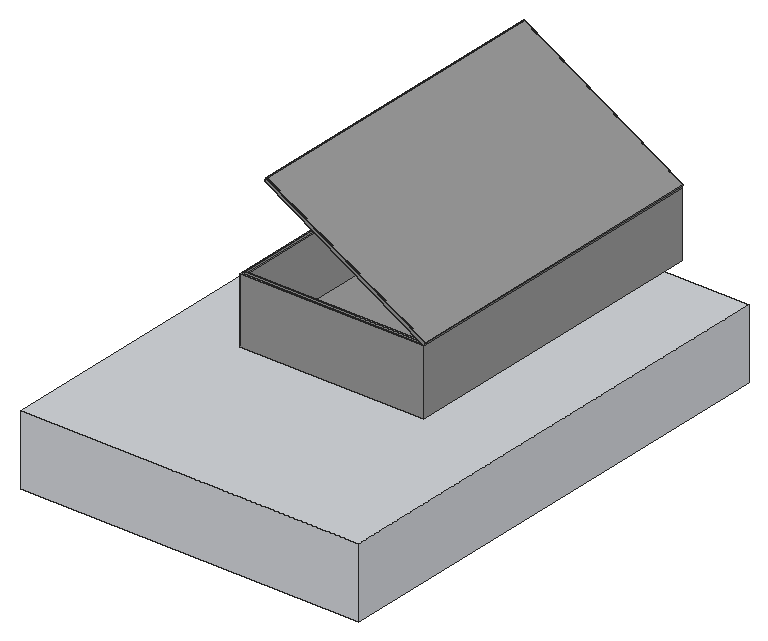
Revit family "Hager-Orion_Inox-IP66-D300-Cl.I-Inox_encl-630A-1400mm-PL-pl", category Equipement électrique, Revit 2020
Family settings
  Hôte = Face
  Configuration du panneau = Deux colonnes, circuits au sein
  Cote de connecteur circulaire = Utiliser le diamètre
  Type d'élément = Tableau de raccordement
  Couper avec des vides une fois chargée = Non
  Partagée = Non
  Point de calcul de pièce = Non
Parameters (values of type "Montaż natynkowy IP66 S800 W1400 G300  - FL049BWL")
  Width Control [instance] = if([EF000008 - Szerokość] > Min Width, [EF000008 - Szerokość], Min Width)  # 800 mm
  Commentaires du type = [HG000003 - Zakres]  # "Orion Inox"
  Thickness Door [instance] = if([EF009171 - Drzwi/pokrywa z materiału o wysokiej wytrzymałości mechanicznej] > 3 mm, 3 mm, [EF009171 - Drzwi/pokrywa z materiału o wysokiej wytrzymałości mechanicznej])  # 1.5 mm
  Seal Frame Offset [instance] = 17 mm  # constant formula
  Model = ""
  Min Width [instance] = 100 mm  # constant formula
  Min Height [instance] = 100 mm  # constant formula
  Min Depth [instance] = (2 * [EF009170 - Obudowa z materiału o wysokiej wytrzymałości mechanicznej]) + 1 mm  # 4 mm
  Internal Frame Depth [instance] = (Door System Depth * 0.5)  # 9 mm
  Height Control [instance] = if([EF000040 - Wysokość] > Min Height, [EF000040 - Wysokość], Min Height)  # 1400 mm
  HG000027 - Wysokość cokołu = 0 mm
  HG000026 - Stojąca = no
  HG000024 - Wysokość części dolnej = 800 mm
  HG000023 - Obudowa dwusekcyjna = no
  HG000016 - Widoczność drzwi w widoku 3D [instance] = yes
  HG000015 - Przestrzeń robocza - otwarcie drzwi [instance] = no
  HG000014 - Drzwi prawe [instance] = yes
  HG000013 - Drzwi lewe [instance] = not([HG000014 - Drzwi prawe])  # no
  HG000012 - Kąt otwarcia drzwi [instance] = 30.00°
  HG000010 - Drzwi asymetryczne = no
  HG000009 - Drzwi dwuskrzydłowe = no
  HG000006 - Montaż podtynkowy = no
  HG000004 - Referencja producenta = "FL049BWL"
  HG000003 - Zakres = "Orion Inox"
  HG000002 - Z drzwiami lub pokrywą = yes
  Frame Offset Bottom [instance] = 10 mm  # constant formula
  Frame Offset [instance] = 15 mm  # constant formula
  EF015940 - Pokrywa z wyzwalaczem nadciśnieniowym = no
  EF011959 - Stopień ochrony (NEMA) = ""
  EF009554 - Liczba otworów pod flansze = 0
  Fabricant = "Hager"  # constant formula
  EF009212 - Wykonanie pokrywy = "EV000116 - Zamknięty"
  EF009171 - Drzwi/pokrywa z materiału o wysokiej wytrzymałości mechanicznej = 1.5 mm
  EF009170 - Obudowa z materiału o wysokiej wytrzymałości mechanicznej = 1.5 mm
  EF008873 - Prąd znamionowy (In) = 630 A
  EF007800 - Do ochrony odgromowej = no
  EF006306 - Z zamkiem = yes
  EF006244 - Transparentna pokrywa/drzwi = no
  EF005474 - Stopień ochrony (IP) = "EV006422 - IP66"
  EF004464 - Rodzaj drzwi = "EV002646 - Pojedynczy"
  EF004427 - Liczba modułów = 0
  EF004293 - Odporność udarowa = "EV008784 - IK10"
  EF003532 - Do zastosowań zewnętrznych = yes
  EF002950 - Szerokość wyrażona liczbą modułów = 0
  EF001613 - Podtrzymanie funkcji = "EV000494 - Brak"
  EF001596 - Materiał obudowy = "EV000166 - Stal nierdzewna"
  EF001131 - Głębokość wewnętrzna = 266 mm
  EF001088 - Możliwość rozbudowy = yes
  EF000437 - Liczba wejść kablowych = 0
  EF000339 - Rodzaj pokrywy = "EV004216 - Drzwi"
  EF000266 - Liczba rzędów = 0
  EF000218 - Głębokość wbudowania = 0 mm
  EF000118 - Z płytą montażową = no
  EF000116 - Numer RAL = ""
  EF000049 - Głębokość = 300 mm
  EF000040 - Wysokość = 1400 mm
  EF000008 - Szerokość = 800 mm
  EF000007 - Kolor = "EV000154 - Inne"
  EF000003 - Sposób montażu = "EV000384 - Montaż natynkowy"
  Door System Leaf Tolerance [instance] = 1.5 mm  # constant formula
  Door System Depth [instance] = 18 mm  # constant formula
  Depth Control [instance] = if([EF000049 - Głębokość] > Min Depth, [EF000049 - Głębokość], Min Depth)  # 300 mm
  Default Elevation = 0 mm
Types (2, lengths in mm): name | HG000004 - Referencja producenta
  Montaż natynkowy IP66 S800 W1400 G300  - FL049BW | "FL049BW"
  Montaż natynkowy IP66 S800 W1400 G300  - FL049BWL | "FL049BWL"
Reference planes
  plane 1 "Center (Front/Back)": y = 0
  plane 2: z = 0
  plane 3 "Center (Left/Right)": x = 0
  plane 4: z = 300
  plane 5: y = 1.5
  plane 6: y = 700
  plane 7: y = 0
  plane 8: y = 1400
  plane 9: z = 0
  plane 10: x = -385
  plane 11: x = 385
  plane 12: x = 383.5
  plane 13: x = -383.5
  plane 14: y = 1398.5
  plane 15: x = -383
  plane 16: x = -400
  plane 17: x = 383
  plane 18: x = 400
  plane 19: x = 398.5
  plane 20: x = -398.5
  plane 21: y = 11.5
  plane 22: y = 1400
  plane 23: y = 1383.5
  plane 24: z = 282
  plane 25: z = 1.5
  plane 26: z = 280.5
  plane 27: z = 298.5
Forms (mm)
  Extrusion 1, solid
    sketch origin (0, 0, 0) x (1, 0, 0) y (0, 1, 0)
      loop
        line (-702.964, 1305) -> (-702.964, -811.445) -> (766.763, -811.445) -> (766.763, 1305) -> (-702.964, 1305)
    from 0 to -304.8
  Extrusion 2, solid, material "Hager_Stainless_Steel", detail levels medium+fine
    sketch origin (0, 0, 0) x (1, 0, 0) y (0, 1, 0)
      loop
        line (-400, 0) -> (400, 0) -> (400, 1400) -> (-400, 1400) -> (-400, 0)
    from 0 to 282
  Extrusion 3, solid, material "Hager_Steel_RAL 7035_Light_Grey", not visible, detail levels medium+fine
    sketch origin (0, 28.16, 50.802) x (0, 1, 0) y (0, 0, 1)
      loop
        line (723.34, -50.802) -> (723.34, 237.698)
        arc (723.34, 237.698) -> (720.411, 244.769) -> (713.34, 247.698) r 10
        line (713.34, 247.698) -> (683.34, 247.698) -> (683.34, -50.802) -> (723.34, -50.802)
    from -398.5 to 398.5
  Extrusion 4, void
    sketch origin (0, 0, 0) x (1, 0, 0) y (0, 1, 0)
      loop
        line (-398.5, 1.5) -> (398.5, 1.5) -> (398.5, 1398.5) -> (-398.5, 1398.5) -> (-398.5, 1.5)
    from 1.5 to 280.5
  Extrusion 5, void
    sketch origin (-381.607, -4572, 282) x (0, -1, 0) y (-1, 0, 0)
      loop
        line (-4583.5, 1.893) -> (-5955.5, 1.893) -> (-5955.5, -765.107) -> (-4583.5, -765.107) -> (-4583.5, 1.893)
    from 0 to 1.5 <- "EF009170 - Obudowa z materiału o wysokiej wytrzymałości mechanicznej"
  Extrusion 6, solid, material "Hager_Stainless_Steel", detail levels fine
    sketch origin (-381.607, -4572, 282) x (-1, 0, 0) y (0, -1, 0)
      loop
        line (1.893, -4583.5) -> (-765.107, -4583.5) -> (-765.107, -5955.5) -> (1.893, -5955.5) -> (1.893, -4583.5)
      loop
        line (2.893, -4582) -> (-766.107, -4582) -> (-766.107, -5957) -> (2.893, -5957) -> (2.893, -4582)
    from 0 to 9 <- "Internal Frame Depth"
  Extrusion 7, solid, material "Hager_Stainless_Steel", detail levels coarse
    sketch origin (0, 0, 0) x (1, 0, 0) y (0, 1, 0)
      loop
        line (-400, 0) -> (400, 0) -> (400, 1400) -> (-400, 1400) -> (-400, 0)
    from 0 to 300
Cuts and joins
  Extrusion 4, Extrusion 5 cuts Extrusion 2
Lines and regions (mm)
  Masking region 1
    outline origin (0, 0, 0) x (1, 0, 0) y (0, 0, 1)
      loop
        line (-400, 300) -> (-400, 0) -> (400, 0) -> (400, 300) -> (-400, 300)
  Masking region 2, detail levels medium+fine
    outline origin (0, 140, 0) x (0, 1, 0) y (0, 0, 1)
      loop
        line (-140, 0) -> (1260, 0) -> (1260, 282) -> (-140, 282) -> (-140, 0)
  Masking region 3, not visible, detail levels medium+fine
    outline origin (0, 297.922, 0) x (0, 1, 0) y (0, 0, 1)
      loop
        line (413.578, 0) -> (453.578, 0) -> (453.578, 288.5)
        arc (453.578, 288.5) -> (450.649, 295.571) -> (443.578, 298.5) r 10
        line (443.578, 298.5) -> (413.578, 298.5) -> (413.578, 0)
  Masking region 4, detail levels coarse
    outline origin (0, 0, 180) x (0, 1, 0) y (0, 0, 1)
      loop
        line (0, -180) -> (1400, -180) -> (1400, 120) -> (0, 120) -> (0, -180)
  Masking region 5
    outline origin (-381.607, -4572, 282) x (-1, 0, 0) y (0, -1, 0)
      loop
        line (18.393, -5972) -> (18.393, -4572) -> (-781.607, -4572) -> (-781.607, -5972) -> (18.393, -5972)
Dimensions and locks
  "Depth Control": plane 4 to Extrusion 1
  "EF009170 - Obudowa z materiału o wysokiej wytrzymałości mechanicznej": plane 5 to plane 7
  locked: connector elem to plane 3 "Center (Left/Right)"
  equal spacing: plane 8, plane 6, plane 7
  locked: connector elem to plane 6
  "EF009170 - Obudowa z materiału o wysokiej wytrzymałości mechanicznej": plane 8 to plane 14
  "EF009170 - Obudowa z materiału o wysokiej wytrzymałości mechanicznej": plane 10 to plane 13
  "EF009170 - Obudowa z materiału o wysokiej wytrzymałości mechanicznej": plane 12 to plane 11
  "Frame Offset": plane 20 to plane 13
  "Frame Offset": plane 12 to plane 19
  "EF009170 - Obudowa z materiału o wysokiej wytrzymałości mechanicznej": plane 16 to plane 20
  "EF009170 - Obudowa z materiału o wysokiej wytrzymałości mechanicznej": plane 19 to plane 18
  "Seal Frame Offset": plane 16 to plane 15
  "Seal Frame Offset": plane 17 to plane 18
  "Frame Offset Bottom": plane 21 to plane 5
  "Frame Offset": plane 14 to plane 23
  equal spacing: plane 16, plane 3 "Center (Left/Right)", plane 18
  "Width Control": plane 16 to plane 18
  "EF009170 - Obudowa z materiału o wysokiej wytrzymałości mechanicznej": plane 4 to plane 27
  "EF009170 - Obudowa z materiału o wysokiej wytrzymałości mechanicznej": plane 24 to plane 26
  "EF009170 - Obudowa z materiału o wysokiej wytrzymałości mechanicznej": plane 25 to level
  "Door System Depth": plane 4 to plane 24
  "Height Control": plane 1 "Center (Front/Back)" to Extrusion 7 sketch curve
  "Height Control": Masking region 4 sketch curve to plane 1 "Center (Front/Back)"
  "Thickness Door": Extrusion 6 sketch curve to plane 15
  "Thickness Door": plane 21 to Extrusion 6 sketch curve
  "Thickness Door": plane 17 to Extrusion 6 sketch curve
  "Thickness Door": Extrusion 6 sketch curve to plane 23
  "Height Control": plane 1 "Center (Front/Back)" to plane 22
  radius of Masking region 3 sketch curve = 10 mm
  radius of Extrusion 3 sketch curve = 10 mm
  aligned and locked: plane 2 to Extrusion 1
  aligned and locked: level to Extrusion 1
  aligned and locked: level to Masking region 1 sketch curve
  aligned and locked: Masking region 1 sketch curve to plane 18
  aligned and locked: Masking region 1 sketch curve to plane 16
  aligned and locked: plane 7 to Masking region 2 sketch curve
  aligned and locked: level to Masking region 3 sketch curve
  aligned and locked: Masking region 3 sketch curve to plane 27
  aligned and locked: level to Masking region 2 sketch curve
  aligned and locked: Extrusion 2 sketch curve to plane 7
  aligned and locked: plane 16 to Extrusion 2 sketch curve
  aligned and locked: plane 18 to Extrusion 2 sketch curve
  aligned and locked: Extrusion 3 sketch curve to level
  aligned and locked: plane 27 to Extrusion 3 sketch curve
  aligned and locked: plane 20 to Extrusion 3
  aligned and locked: plane 19 to Extrusion 3
  aligned and locked: plane 20 to Extrusion 4 sketch curve
  aligned and locked: plane 19 to Extrusion 4 sketch curve
  aligned and locked: Extrusion 4 sketch curve to plane 5
  aligned and locked: Extrusion 4 to plane 25
  aligned and locked: plane 26 to Extrusion 4
  aligned and locked: plane 24 to Extrusion 2
  aligned and locked: Extrusion 5 sketch curve to plane 21
  aligned and locked: Extrusion 5 sketch curve to plane 13
  aligned and locked: Extrusion 5 sketch curve to plane 12
  aligned and locked: plane 18 to Extrusion 7 sketch curve
  aligned and locked: plane 1 "Center (Front/Back)" to Extrusion 7 sketch curve
  aligned and locked: plane 16 to Extrusion 7 sketch curve
  aligned and locked: plane 4 to Extrusion 7
  aligned and locked: Extrusion 7 to level
  aligned and locked: level to Masking region 4 sketch curve
  aligned and locked: Masking region 4 sketch curve to plane 1 "Center (Front/Back)"
  aligned and locked: Masking region 4 sketch curve to plane 4
  aligned and locked: nested 1 to level
  aligned and locked: nested 1 to plane 16
  aligned and locked: plane 8 to Extrusion 2 sketch curve
  aligned and locked: plane 23 to Extrusion 5 sketch curve
  aligned and locked: plane 14 to Extrusion 4 sketch curve
  aligned and locked: Extrusion 6 sketch curve to plane 21
  aligned and locked: plane 13 to Extrusion 6 sketch curve
  aligned and locked: plane 23 to Extrusion 6 sketch curve
  aligned and locked: plane 12 to Extrusion 6 sketch curve
  aligned and locked: Masking region 2 sketch curve to plane 8
  aligned and locked: Masking region 2 sketch curve to plane 24
  aligned and locked: nested 2 to plane 3 "Center (Left/Right)"
  aligned and locked: nested 2 to plane 24
  aligned and locked: Masking region 5 sketch curve to plane 1 "Center (Front/Back)"
  aligned and locked: Masking region 5 sketch curve to plane 18
  aligned and locked: Masking region 5 sketch curve to plane 22
  aligned and locked: Masking region 5 sketch curve to plane 16
  aligned and locked: plane 8 to plane 22
  aligned and locked: plane 7 to plane 1 "Center (Front/Back)"
  aligned and locked: nested 2 to plane 1 "Center (Front/Back)"
Automatic sketch dimensions
  Extrusion 1 sketch curve to Extrusion 1 sketch curve = 1469.727 mm
  Extrusion 1 sketch curve to Extrusion 1 sketch curve = 2116.445 mm
  plane 6 to Masking region 3 sketch curve = 11.5 mm
  Masking region 3 sketch curve to Masking region 3 sketch curve = 30 mm
  plane 6 to Extrusion 3 sketch curve = 11.5 mm
  Extrusion 3 sketch curve to Extrusion 3 sketch curve = 30 mm
  Masking region 1 sketch curve to plane 4 = 0 mm
Nested families
  nested 1: "Hager_Enclosure_Symbol" at (-400, 0, 0) x (1, 0, 0) z (0, -1, 0), Height <- "Depth Control", Width <- "Width Control", type "Hager_Enclosure_Symbol"
    with Width_Ctrl 800 mm, Width 800 mm, Height_Ctrl 300 mm, Height 300 mm, A_Width_Int 19.688 mm, A_Width 236.25 mm, A_Height_Ctrl 262.5 mm, A_Height 262.5 mm
  nested 2: "EC000058_OrionInox_Door" at (0, 1400, 282) x (1, 0, 0) z (0, -1, 0), Leaf_Tolerance <- "Door System Leaf Tolerance", Angle <- "HG000012 - Kąt otwarcia drzwi", Door_Depth <- "Door System Depth", Door_Left <- "HG000013 - Drzwi lewe", Transparent <- "EF006244 - Transparentna pokrywa/drzwi", Assymetrical <- "HG000010 - Drzwi asymetryczne", Width <- "Width Control", Clearance <- "HG000015 - Przestrzeń robocza - otwarcie drzwi", Double <- "HG000009 - Drzwi dwuskrzydłowe", 3d_Door <- "HG000016 - Widoczność drzwi w widoku 3D", Width_Ctrl <- "Width Control", Door_Right <- "HG000014 - Drzwi prawe", Door <- "HG000002 - Z drzwiami lub pokrywą", Height <- "Height Control", Thickness <- "Thickness Door", type "EC000058_OrionInox_Door", detail levels medium+fine
    with min_wh 4 mm, Width_Ctrl 800 mm, Width 800 mm, Transparent no, Thickness 1.5 mm, Seal_Material Hager_Rubber, Leaf_Width 800 mm, Leaf_Tolerance_External_Sides 0 mm, Leaf_Tolerance 1.5 mm, Leaf_Offset 0 mm, Leaf_Height 1397 mm, Leaf_2_Width 800 mm, Leaf_2_Offset 400 mm, Leaf_1_Width 800 mm, Leaf_1_Offset 400 mm, Height_Ctrl 1400 mm, Height 1400 mm, Glass_Material Hager_Glass, Double_Clearance_Ctrl no, Double no, Door_Right_Ctrl yes, Door_Right yes, Door_Material Hager_Stainless_Steel, Door_Left_Ctrl no, Door_Left no, Door_Depth 18 mm, Door yes, Clearance_Material Hager_Clearance, Clearance_Depth 800 mm, Clearance_Ctrl no, Clearance no, Assymetrical no, Angle 30.00°, 3d_Door yes
Connectors
  electrical at (0, 700, 0)
    settings: on plane 9, index 1, voltage 0 V, apparent load 0 VA, apparent load phase1 0 VA, apparent load phase2 0 VA, apparent load phase3 0 VA, power factor 1, load classification "Other", number of poles 1, system type 30, power factor state 1, is connector primary yes, connector utility no, sub classification motor no, connector description ""
Definition of nested family "EC000058_OrionInox_Door"
  Parameters (values of type "EC000058_OrionInox_Door")
    min_wh [instance] = (2 * Thickness) + 1 mm  # 11 mm
    Width_Ctrl [instance] = 400 mm
    Width [instance] = 500 mm
    Transparent [instance] = yes
    Thickness [instance] = 5 mm
    Seal_Material [instance] = none
    Leaf_Width [instance] = if((Width_Ctrl - 2 * Leaf_Tolerance_External_Sides) > 0 mm, (Width_Ctrl - 2 * Leaf_Tolerance_External_Sides), min_wh)  # 400 mm
    Leaf_Tolerance_External_Sides [instance] = 0 mm  # constant formula
    Leaf_Tolerance [instance] = 1.5 mm
    Leaf_Offset [instance] = 0 mm  # constant formula
    Leaf_Height [instance] = if((Height_Ctrl - 2 * Leaf_Tolerance) > 0 mm, (Height_Ctrl - 2 * Leaf_Tolerance), min_wh)  # 497 mm
    Leaf_2_Width [instance] = if(and(and(Double, Assymetrical), Door_Left), (Leaf_Width / 3) - (Leaf_Tolerance / 2), if(and(and(Double, Assymetrical), Door_Right), (Leaf_Width / 3) * 2 - (Leaf_Tolerance / 2), if(and(Double, not(Assymetrical)), (Leaf_Width / 2) - Leaf_Tolerance, Leaf_Width)))  # 400 mm
    Leaf_2_Offset [instance] = if(and(Double, Assymetrical), Leaf_2_Width / 2, if(and(Double, not(Assymetrical)), Leaf_Width / 4, Leaf_Width / 2))  # 200 mm
    Leaf_1_Width [instance] = if(and(and(Double, Assymetrical), Door_Right), (Leaf_Width / 3) - (Leaf_Tolerance / 2), if(and(and(Double, Assymetrical), Door_Left), (Width / 3) * 2 - (Leaf_Tolerance / 2), if(and(Double, not(Assymetrical)), (Leaf_Width / 2) - Leaf_Tolerance, Leaf_Width)))  # 400 mm
    Leaf_1_Offset [instance] = if(and(Double, Assymetrical), Leaf_1_Width / 2, if(and(Double, not(Assymetrical)), Leaf_Width / 4, Leaf_Width / 2))  # 200 mm
    Height_Ctrl [instance] = if(Height > min_wh, Height, min_wh)  # 500 mm
    Height [instance] = 500 mm
    Glass_Material [instance] = none
    Double_Clearance_Ctrl [instance] = and(Double, Clearance)  # no
    Double [instance] = no
    Door_Right_Ctrl [instance] = and(or(Door_Right, Double), Door)  # yes
    Door_Right [instance] = yes
    Door_Material [instance] = none
    Door_Left_Ctrl [instance] = and(or(Door_Left, Double), Door)  # no
    Door_Left [instance] = no
    Door_Depth [instance] = 30 mm
    Door [instance] = yes
    Default Elevation = 1219.2 mm
    Clearance_Material [instance] = none
    Clearance_Depth [instance] = if(Leaf_1_Width > Leaf_2_Width, Leaf_1_Width, Leaf_2_Width)  # 400 mm
    Clearance_Ctrl [instance] = and(not(Double), Clearance)  # yes
    Clearance [instance] = yes
    Assymetrical [instance] = yes
    Angle [instance] = 30.00°
    3d_Door [instance] = yes
  Reference planes
    plane 1 "Center (Front/Back)": y = 0
    plane 2 "Bottom": z = 0
    plane 3 "Center (Left/Right)": x = 0
    plane 4: z = 500
    plane 5: x = -200
    plane 6: x = 200
    plane 7: z = 500
    plane 8: x = -200
    plane 9: z = 0
    plane 10: x = 200
    plane 11: y = 0
    plane 12: z = 1.5
    plane 13: x = -600
    plane 14: y = -400
    plane 15: x = 600
    plane 16: x = 0
    plane 17: x = 0
    plane 18: x = -200
    plane 19: x = 200
    plane 20: z = 498.5
  Forms (mm)
    Extrusion 1, solid, material <- "Clearance_Material", visible <- "Double_Clearance_Ctrl"
      sketch origin (1200, 0, 0) x (1, 0, 0) y (0, 0, -1)
        loop
          line (-1800, -498.5) -> (-600, -498.5) -> (-600, 0) -> (-1800, 0) -> (-1800, -498.5)
      from 0 to -400
  Dimensions and locks
    equal spacing: plane 5, plane 3 "Center (Left/Right)", plane 6
    "Width_Ctrl": plane 5 to plane 6
    "Leaf_Offset": plane 5 to plane 8
    "Leaf_Offset": plane 6 to plane 10
    "Leaf_Offset": plane 9 to level
    "Leaf_Offset": plane 4 to plane 7
    "Height_Ctrl": plane 4 to level
    "Leaf_Tolerance": plane 12 to plane 9
    locked: plane 11 to plane 1 "Center (Front/Back)"
    "Leaf_1_Offset": plane 18 to plane 16
    "Leaf_2_Offset": plane 17 to plane 19
    "Leaf_1_Width": plane 13 to plane 8
    "Leaf_2_Width": plane 10 to plane 15
    "Clearance_Depth": plane 14 to plane 1 "Center (Front/Back)"
    "Leaf_Tolerance_External_Sides": plane 8 to plane 18
    "Leaf_Tolerance_External_Sides": plane 19 to plane 10
    "Leaf_Tolerance": plane 7 to plane 20
    aligned and locked: level to plane 2 "Bottom"
    aligned and locked: nested 1 to plane 16
    aligned and locked: nested 2 to plane 17
    aligned and locked: Extrusion 1 to plane 13
    aligned and locked: plane 15 to Extrusion 1
    aligned and locked: Extrusion 1 to plane 14
    aligned and locked: plane 12 to nested 1
    aligned and locked: nested 2 to plane 12
    aligned and locked: Extrusion 1 to plane 11
    aligned and locked: plane 20 to Extrusion 1
    aligned and locked: nested 2 to plane 11
    aligned and locked: nested 1 to plane 11
  Automatic sketch dimensions
    Extrusion 1 sketch curve to level = 0 mm
    plane 5 to Extrusion 1 sketch curve = 400 mm
    plane 6 to Extrusion 1 sketch curve = 400 mm
    Extrusion 1 sketch curve to plane 4 = 1.5 mm
  Nested families
    nested 1: "EC000058_OrionInox_Door_Leaf" at (0, 0, 1.5), Width <- "Leaf_1_Width", visible <- "Door_Left_Ctrl", Leaf_Height <- "Leaf_Height", Angle <- "Angle", 3d_Door <- "3d_Door", Transparent <- "Transparent", Clearance Material <- "Clearance_Material", Clearance <- "Clearance_Ctrl", Door_Material <- "Door_Material", Glass_Material <- "Glass_Material", Door_Depth <- "Door_Depth", Seal_Material <- "Seal_Material", Thickness <- "Thickness", type "EC000058_OrionInox_Door_Leaf"
      with Width 400 mm, Transparent_Ctrl yes, Transparent yes, Thickness 5 mm, Standard no, Seal_Material none, Seal_D2 8 mm, Seal_D1 1 mm, Offset_Internal_Frame 10 mm, Lock_Width 28 mm, Lock_Thickness 2 mm, Lock_Radius 6 mm, Leaf_Height 497 mm, Internal_Seal_Thickness 8 mm, Internal_Seal_Depth_2 4.5 mm, Internal_Frame_Depth 25 mm, Glass_Thickness -1 mm, Glass_Offset -2 mm, Glass_Material none, Door_Material none, Door_Depth 30 mm, Clearance Material none, Clearance yes, Angle_Ctrl 30.00°, Angle 30.00°, 3d_Door yes
    nested 2: "EC000058_OrionInox_Door_Leaf" at (0, 0, 1.5) x (-1, 0, 0) z (0, 0, 1), Width <- "Leaf_2_Width", visible <- "Door_Right_Ctrl", Leaf_Height <- "Leaf_Height", Angle <- "Angle", 3d_Door <- "3d_Door", Transparent <- "Transparent", Clearance Material <- "Clearance_Material", Clearance <- "Clearance_Ctrl", Door_Material <- "Door_Material", Glass_Material <- "Glass_Material", Door_Depth <- "Door_Depth", Seal_Material <- "Seal_Material", Thickness <- "Thickness", type "EC000058_OrionInox_Door_Leaf"
      with Width 400 mm, Transparent_Ctrl yes, Transparent yes, Thickness 5 mm, Standard no, Seal_Material none, Seal_D2 8 mm, Seal_D1 1 mm, Offset_Internal_Frame 10 mm, Lock_Width 28 mm, Lock_Thickness 2 mm, Lock_Radius 6 mm, Leaf_Height 497 mm, Internal_Seal_Thickness 8 mm, Internal_Seal_Depth_2 4.5 mm, Internal_Frame_Depth 25 mm, Glass_Thickness -1 mm, Glass_Offset -2 mm, Glass_Material none, Door_Material none, Door_Depth 30 mm, Clearance Material none, Clearance yes, Angle_Ctrl 30.00°, Angle 30.00°, 3d_Door yes
  Definition of nested family "EC000058_OrionInox_Door_Leaf"
    Parameters (values of type "EC000058_OrionInox_Door_Leaf")
      Width [instance] = 450 mm
      Transparent_Ctrl [instance] = and(Transparent, [3d_Door])  # yes
      Transparent [instance] = yes
      Thickness [instance] = 5 mm
      Standard [instance] = and(not(Transparent), [3d_Door])  # no
      Seal_Material [instance] = none
      Seal_D2 [instance] = 8 mm  # constant formula
      Seal_D1 [instance] = 1 mm  # constant formula
      Offset_Internal_Frame [instance] = 10 mm  # constant formula
      Lock_Width [instance] = Door_Depth - Lock_Thickness  # 28 mm
      Lock_Thickness [instance] = 2 mm  # constant formula
      Lock_Radius [instance] = 6 mm  # constant formula
      Leaf_Height [instance] = 450 mm
      Internal_Seal_Thickness [instance] = 8 mm  # constant formula
      Internal_Seal_Depth_2 [instance] = 4.5 mm  # constant formula
      Internal_Frame_Depth [instance] = if(Door_Depth - Thickness > 5 mm, Door_Depth - Thickness, 5 mm)  # 25 mm
      Glass_Thickness [instance] = if(Thickness > 15 mm, Glass_Offset + 10 mm, -1 mm)  # -1 mm
      Glass_Offset [instance] = if(Thickness > 15 mm, -(Thickness + 10 mm) / 2, -2 mm)  # -2 mm
      Glass_Material [instance] = none
      Door_Material [instance] = none
      Door_Depth [instance] = 30 mm
      Default Elevation = 0 mm
      Clearance Material [instance] = none
      Clearance [instance] = yes
      Angle_Ctrl [instance] = if(Angle > 180.00°, 180.00°, Angle)  # 90.00°
      Angle [instance] = 90.00°
      3d_Door [instance] = yes
    Reference planes
      plane 1 "Center (Front/Back)": y = 0
      plane 2: z = 0
      plane 3 "Center (Left/Right)": x = 0
      plane 4: y = 450
      plane 5: x = -225
      plane 6: x = 225
      plane 7: x = -675
      plane 8: z = 450
      plane 9: z = 30
      plane 10: z = 420
      plane 11: x = 195
      plane 12: x = -195
      plane 13: y = -3
      plane 14: z = 107.833
      plane 15: y = -5
      plane 16: y = -223.314
      plane 17: x = -225
      plane 18: y = 30
    Forms (mm)
      Extrusion 1, solid, material <- "Clearance Material", visible <- "Clearance"
        sketch origin (0, 0, 0) x (1, 0, 0) y (0, 0, 1)
          loop
            line (-675, 450) -> (-675, 0) -> (225, 0) -> (225, 450) -> (-675, 450)
        from 0 to -450
      Extrusion 2, solid, material <- "Door_Material", visible <- "Standard", detail levels medium+fine
        sketch origin (-225, 0, 0) x (0, 1, 0) y (-1, 0, 0)
          loop
            line (0, 30) -> (0, 25) -> (450, 25) -> (450, 30) -> (0, 30)
        from 0 to 450 <- "Leaf_Height"
      Extrusion 3, solid, material <- "Door_Material", visible <- "Transparent_Ctrl", detail levels medium+fine
        sketch origin (-225, 0, 0) x (0, 1, 0) y (-1, 0, 0)
          loop
            line (0, 25) -> (450, 25) -> (450, 30) -> (0, 30) -> (0, 25)
        from 0 to 450 <- "Leaf_Height"
      Extrusion 4, void
        sketch origin (-250, 450, 0) x (0, 1, 0) y (0, 0, -1)
          loop
            line (-30, -420) -> (-30, -30) -> (-420, -30) -> (-420, -420) -> (-30, -420)
        from 0 to 5 <- "Thickness"
      Sweep 5, solid, material <- "Seal_Material", visible <- "Transparent_Ctrl", detail levels fine
        path in 3D
          loop
            line (-250, 30, 30) -> (-250, 30, 420) -> (-250, 420, 420) -> (-250, 420, 30) -> (-250, 30, 30)
        profile origin (-250, 225, 30) x (1, 0, 0) y (0, 0, 1)
          loop
            line (0, 0) -> (0, -8) -> (1, -8) -> (1, 0) -> (0, 0)
      Extrusion 6, solid, material <- "Glass_Material", visible <- "Transparent_Ctrl", detail levels medium+fine
        sketch origin (-255, 0, 0) x (0, 1, 0) y (0, 0, -1)
          loop
            line (420, -420) -> (420, -30) -> (30, -30) -> (30, -420) -> (420, -420)
        from -2 <- "Glass_Offset" to -1 <- "Glass_Thickness"
      Extrusion 7, solid, material <- "Door_Material", visible <- "3d_Door", detail levels medium+fine
        sketch origin (-250, 450, 0) x (0, -1, 0) y (0, 0, -1)
          loop
            line (0, -450) -> (450, -450) -> (450, 0) -> (0, 0) -> (0, -450)
          loop
            line (445, -5) -> (5, -5) -> (5, -445) -> (445, -445) -> (445, -5)
        from 0 to 25 <- "Internal_Frame_Depth"
      Sweep 8, solid, material <- "Seal_Material", visible <- "Transparent_Ctrl", detail levels fine
        path in 3D
          loop
            line (-250, 0, 0) -> (-250, 450, 0) -> (-250, 450, 450) -> (-250, 0, 450) -> (-250, 0, 0)
        profile origin (-250, 0, 225) x (1, 0, 0) y (0, 1, 0)
          loop
            line (0, 10) -> (2.975, 10)
            arc (2.975, 10) -> (4.053, 10.447) -> (4.5, 11.525) r 1.525
            line (4.5, 11.525) -> (4.5, 16.527)
            arc (4.5, 16.527) -> (4.069, 17.569) -> (3.027, 18) r 1.473
            line (3.027, 18) -> (0, 18) -> (0, 10)
    Cuts and joins
      Extrusion 4 cuts Extrusion 3
    Lines and regions (mm)
      Masking region 1, detail levels medium+fine
        outline origin (0, 0, 0) x (0, 1, 0) y (0, 0, 1)
          loop
            line (0, 0) -> (30, 0) -> (30, 450) -> (0, 450) -> (0, 0)
      Masking region 2, detail levels medium+fine
        outline origin (0, 0, 0) x (1, 0, 0) y (0, 0, 1)
          loop
            line (-225, 450) -> (-225, 0) -> (225, 0) -> (225, 450) -> (-225, 450)
      symbolic lines
        curve 1: line (225, 0, 0) -> (-675, 0, 0)
        curve 2: arc (225, 0, 0) -> (-225, 450, 0) -> (-675, 0, 0) r 450
        curve 4: line (-255, 0, 0) -> (-255, 450, 0)
      reference lines
        curve 3: line (-225, 0, 0) -> (-225, 450, 0)
      symbolic lines, detail levels medium+fine
        curve 5: line (-255, 450, 0) -> (-250, 450, 0)
        curve 7: line (-250, 0, 0) -> (-255, 0, 0)
        curve 8: line (-250, 0, 0) -> (-225, 0, 0)
        curve 9: line (-225, 0, 0) -> (-225, 450, 0)
        curve 10: line (-225, 450, 0) -> (-250, 450, 0)
      symbolic lines, detail levels fine
        curve 6: line (-250, 450, 0) -> (-250, 0, 0)
      sketch lines
        curve 11: line (-250, 0, 450) -> (-250, 0, 0)
        curve 12: line (-250, 450, 0) -> (-250, 0, 0)
        curve 13: line (-250, 450, 450) -> (-250, 450, 0)
        curve 14: line (-250, 0, 450) -> (-250, 450, 450)
        curve 15: line (-250, 420, 30) -> (-250, 30, 30)
        curve 16: line (-250, 30, 30) -> (-250, 30, 420)
        curve 17: line (-250, 420, 420) -> (-250, 420, 30)
        curve 18: line (-250, 30, 420) -> (-250, 420, 420)
      symbolic lines, visible <- "Transparent", detail levels medium+fine
        curve 19: line (-195, 0, 420) -> (195, 0, 420)
        curve 20: line (-195, 0, 30) -> (-195, 0, 420)
        curve 21: line (195, 0, 30) -> (-195, 0, 30)
        curve 22: line (195, 0, 420) -> (195, 0, 30)
    Dimensions and locks
      "Width": plane 1 "Center (Front/Back)" to plane 4
      equal spacing: plane 5, plane 3 "Center (Left/Right)", plane 6
      "Width": plane 5 to plane 6
      "Width": plane 7 to plane 5
      "Leaf_Height": plane 8 to level
      "Width": curve 5 to curve 3
      "Width": curve 3 to curve 3
      plane 8 to plane 10 = 30 mm
      plane 9 to level = 30 mm
      plane 12 to plane 5 = 30 mm
      plane 6 to plane 11 = 30 mm
      Extrusion 4 sketch curve to Extrusion 3 = 30 mm
      Extrusion 3 to Extrusion 4 sketch curve = 30 mm
      Extrusion 1 to Extrusion 4 sketch curve = 30 mm
      curve 3 to Extrusion 4 sketch curve = 30 mm
      Extrusion 4 sketch curve to cut or joined group of Extrusion 3, Extrusion 4 = 30 mm
      cut or joined group of Extrusion 3, Extrusion 4 to Extrusion 6 sketch curve = 30 mm
      cut or joined group of Extrusion 3, Extrusion 4 to Extrusion 4 sketch curve = 30 mm
      "Thickness": curve 6 to curve 4
      "Thickness": Extrusion 7 sketch curve to Extrusion 7 sketch curve  (x4)
      "Door_Depth": curve 4 to curve 3
      "Offset_Internal_Frame": profile plane to Sweep 8 sketch curve
      "Internal_Seal_Thickness": Sweep 8 sketch curve to Sweep 8 sketch curve
      "Internal_Seal_Depth_2": profile plane to Sweep 8 sketch curve
      "Seal_D1": profile plane to Sweep 5 sketch curve
      "Seal_D2": profile plane to Sweep 5 sketch curve
      "Thickness": Extrusion 2 sketch curve to Extrusion 2 sketch curve
      "Door_Depth": plane 18 to plane 1 "Center (Front/Back)"
      radius of Sweep 8 sketch curve = 1.525 mm
      radius of Sweep 8 sketch curve = 1.473 mm
      "Angle_Ctrl": angle plane 1 "Center (Front/Back)" to curve 3
      aligned and locked: level to plane 2
      aligned and locked: Extrusion 1 to curve 1
      aligned and locked: plane 6 to Extrusion 1
      aligned and locked: plane 1 "Center (Front/Back)" to Extrusion 1
      aligned and locked: plane 4 to Extrusion 1
      aligned and locked: plane 8 to Extrusion 1
      aligned and locked: curve 7 to Extrusion 2 sketch curve
      aligned and locked: curve 5 to Extrusion 2 sketch curve
      aligned and locked: curve 7 to Extrusion 3 sketch curve
      aligned and locked: Extrusion 3 sketch curve to curve 4
      aligned and locked: Extrusion 3 sketch curve to curve 6
      aligned and locked: Extrusion 3 sketch curve to curve 5
      aligned and locked: curve 9 to curve 3
      aligned and locked: Extrusion 7 sketch curve to cut or joined group of Extrusion 3, Extrusion 4  (x4)
      aligned and locked: plane 17 to curve 3
      aligned and locked: plane 1 "Center (Front/Back)" to curve 3
      aligned and locked: plane 17 to plane 5
      aligned and locked: Sweep 8 sketch curve to profile plane
      aligned and locked: Sweep 5 sketch curve to profile plane  (x2)
      aligned and locked: plane 1 "Center (Front/Back)" to Masking region 1 sketch curve
      aligned and locked: plane 18 to Masking region 1 sketch curve
      aligned and locked: level to Masking region 1 sketch curve
      aligned and locked: Masking region 1 sketch curve to plane 8
      aligned and locked: plane 17 to Masking region 2 sketch curve
      aligned and locked: level to Masking region 2 sketch curve
      aligned and locked: Masking region 2 sketch curve to plane 8
      aligned and locked: plane 12 to curve 20
      aligned and locked: plane 10 to curve 19
      aligned and locked: plane 11 to curve 22
      aligned and locked: plane 9 to curve 21
      aligned and locked: Extrusion 2 sketch curve to cut or joined group of Extrusion 3, Extrusion 4
    Automatic sketch dimensions
      plane 1 "Center (Front/Back)" to curve 2 = 0 mm
      curve 2 to plane 5 = 0 mm
      Extrusion 1 sketch curve to level = 0 mm
      Extrusion 1 sketch curve to plane 7 = 0 mm
      Extrusion 1 sketch curve to plane 6 = 0 mm
      Extrusion 1 sketch curve to plane 8 = 0 mm
      Extrusion 3 to Extrusion 6 sketch curve = 30 mm  (x4)
      Masking region 2 sketch curve to plane 6 = 0 mm
      curve 4 to curve 3 = 0 mm
Definition of nested family "Hager_Enclosure_Symbol"
  Parameters (values of type "Hager_Enclosure_Symbol")
    Width_Ctrl [instance] = if(Width > 1 mm, Width, 1 mm)  # 102.27 mm
    Width [instance] = 102.27 mm
    Height_Ctrl [instance] = if(Height > 1 mm, Height, 1 mm)  # 66.5 mm
    A_Width_Int [instance] = if(A_Width / 12 > 2 mm, A_Width / 12, 2 mm)  # 4.364 mm
    A_Width [instance] = if(A_Height_Ctrl * 0.9 > 2 mm, A_Height_Ctrl * 0.9, 2 mm)  # 52.369 mm
    A_Height_Ctrl [instance] = if(A_Height > 2 mm, A_Height, 2 mm)  # 58.188 mm
    Height [instance] = 66.5 mm
    A_Height [instance] = Height - (Height / 8)  # 58.188 mm
  Reference planes
    plane 1 "Centre (avant/arrière)": y = 0
    plane 2: z = 0
    plane 3 "Centre (gauche/droite)": x = 0
    plane 4: x = 52.369
    plane 5: y = 33.042
    plane 6: y = 41.77
    plane 7: y = 66.5
    plane 8: x = 26.184
    plane 9: y = 37.406
    plane 10: x = 102.27
    plane 11: y = 66.5
    plane 12: y = 8.313
  Lines and regions (mm)
    Filled region 1, type "Solid_Black", in view "Niveau de réf."
      outline origin (0, 0, 0) x (1, 0, 0) y (0, 1, 0)
        loop
          line (52.369, 66.5) -> (33.188, 54.536) -> (45.365, 45.006) -> (52.369, 66.5)
    Filled region 2, type "Solid_Black", in view "Niveau de réf."
      outline origin (0, 0, 0) x (1, 0, 0) y (0, 1, 0)
        loop
          line (0, 0) -> (102.27, 0) -> (102.27, 66.5) -> (0, 0)
    detail lines, in view "Niveau de réf."
      curve 1: line (0, 8.313, 0) -> (26.184, 41.77, 0)
      curve 2: line (26.184, 41.77, 0) -> (26.184, 33.042, 0)
      curve 3: line (26.184, 33.042, 0) -> (52.369, 66.5, 0)
  Dimensions and locks
    "A_Width": plane 3 "Centre (gauche/droite)" to plane 4
    equal spacing: plane 3 "Centre (gauche/droite)", plane 8, plane 4
    equal spacing: plane 6, plane 9, plane 5
    equal spacing: curve 3, Filled region 1 sketch curve, Filled region 1 sketch curve
    "Height_Ctrl": plane 1 "Centre (avant/arrière)" to plane 11
    "A_Height_Ctrl": plane 11 to plane 12
    equal spacing: plane 11, plane 9, plane 12
    "A_Width_Int": plane 6 to plane 9
    "Width_Ctrl": plane 3 "Centre (gauche/droite)" to plane 10
    angle Filled region 1 sketch curve to curve 3 = 20.00°
    angle curve 3 to Filled region 1 sketch curve = 20.00°
    locked: curve 3 to Filled region 1 sketch curve (angle 90.00°)
    aligned and locked: plane 10 to Filled region 2
    aligned and locked: plane 11 to Filled region 2 sketch curve
    aligned and locked: plane 10 to Filled region 2 sketch curve
    aligned and locked: plane 3 "Centre (gauche/droite)" to curve 1
    aligned and locked: plane 12 to curve 1
    aligned and locked: plane 7 to plane 11
  Automatic sketch dimensions
    Filled region 1 sketch curve to plane 4 = 0 mm
    Filled region 1 sketch curve to plane 7 = 0 mm
    plane 1 "Centre (avant/arrière)" to Filled region 2 sketch curve = 0 mm
    Filled region 2 sketch curve to plane 3 "Centre (gauche/droite)" = 0 mm
    curve 2 to plane 6 = 0 mm
    curve 2 to plane 8 = 0 mm
    curve 3 to plane 4 = 0 mm
    curve 2 to plane 5 = 0 mm
    curve 3 to plane 7 = 0 mm
